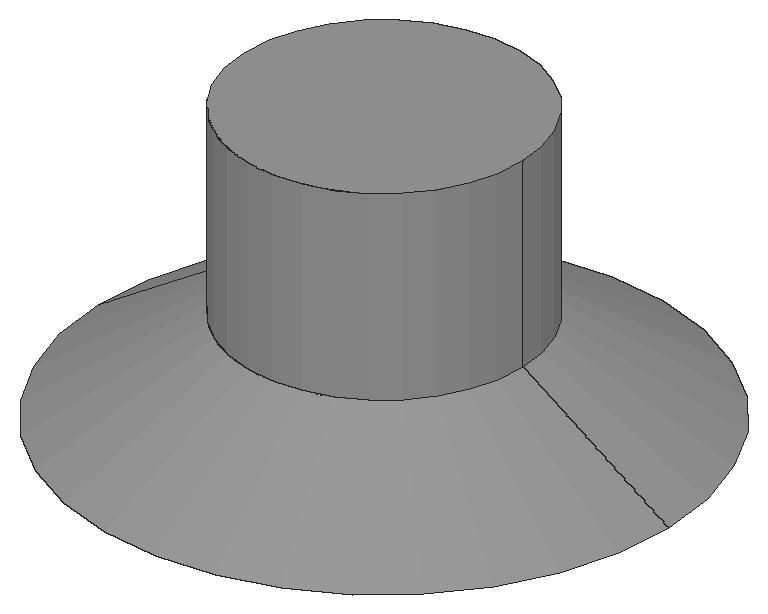
Revit family "ETNA_43W_4000K_4100LM", category Lighting Fixtures, host Ceiling, Revit 2021
Family settings
  Host = Ceiling
  Round Connector Dimension = Use Diameter
  Part Type = Normal
  OmniClass Number = 23.80.70.11
  OmniClass Title = Luminaries for Internal Lighting
  Always vertical = Yes
  Cut with Voids When Loaded = No
  Light Source = Yes
  Shared = No
  Room Calculation Point = No
Parameters (values of type "Type 1")
  Wattage = 27.6016 W
  built-in parameter 1150110 = 1 (stored number, unit not read)
  Type de lampe = "LED Citizen COB"
  Type = "Downlight"
  built-in parameter 1114217 = 1 (stored number, unit not read)
  Tilt Angle = 90.00°
  built-in parameter 1150109 = 1 (stored number, unit not read)
  built-in parameter 1150134 = 12
  built-in parameter 1150113 = 1 (stored number, unit not read)
  SDCM = "<3"
  Puissance nominale = "43W"
  Photometric Web File = "google_eulumdat_converter (15).ies"
  Matériau = "Aluminium"
  Maintien du flux = "L80B10 (50 000 heures)"
  Lumens = 4100 lm
  built-in parameter 1150115 = 1 (stored number, unit not read)
  built-in parameter 1150105 = 4653.3 (stored number, unit not read)
  built-in parameter 1150137 = (empty or 0)
  built-in parameter 1150139 = (empty or 0)
  built-in parameter 1150112 = 1 (stored number, unit not read)
  built-in parameter 1150114 = 1 (stored number, unit not read)
  built-in parameter 1150132 = 2
  built-in parameter 1150102 = (empty or 0)
  built-in parameter 1150138 = (empty or 0)
  built-in parameter 1150107 = 4000 (stored number, unit not read)
  built-in parameter 1150106 = 46.533 (stored number, unit not read)
  IRC = ">90"
  built-in parameter 1150104 = 13.8 (stored number, unit not read)
  Durée de vie = "50 000 heures"
  Driver = "Driver Philips - No Flicker"
  Dimming Lamp Color Temperature Shift = <None>
  Dimensions d’encastrement = "Ø 210 mm"
  Dimensions = "Ø 226 x 110 mm"
  Diffuseur = "Aluminium"
  Default Elevation = 0 mm
  Color Filter = 16777215
  built-in parameter 1114218 = 1 (stored number, unit not read)
  built-in parameter 1150133 = 10 (stored number, unit not read)
  Angle d'éclairage = "60°"
  Alimentation luminaire = "32-42V dc / 500mA"
  Alimentation Driver = "AC 220-240V"
Reference planes
  plane 1 "Light Source Axis (F/B)": y = 0
  plane 2: z = 0
  plane 3 "Light Source Axis (L/R)": x = 0
  plane 4 "Ceiling": z = 4000
  plane 5 "Light Source Elevation": z = 3987.548
Forms (mm)
  Blend 1, solid, material "Aluminum, blanc"
    base sketch origin (0, 0, 4000) x (0, 1, 0) y (-1, 0, 0)
      loop
        circle (0, 0) r 113
    top sketch origin (0, 0, 4000) x (0, 1, 0) y (-1, 0, 0)
      loop
        circle (0, 0) r 55
    from -5 to 31.767
  Blend 2, void
    base sketch origin (0, 0, 4000) x (0, 1, 0) y (-1, 0, 0)
      loop
        circle (0, 0) r 105
    top sketch origin (0, 0, 4000) x (0, 1, 0) y (-1, 0, 0)
      loop
        circle (0, 0) r 65
    from -9.351 to 11.478
  Extrusion 3, solid, material "Acrylic"
    sketch origin (0, 0, 4000) x (0, 1, 0) y (-1, 0, 0)
      loop
        circle (0, 0) r 55
    from 31.767 to 105
  Extrusion 4, solid, material "Glass, White, High Luminance"
    sketch origin (0, 0, 4000) x (0, 1, 0) y (-1, 0, 0)
      loop
        circle (0, 0) r 96.644
    from -2.575 to 0
Cuts and joins
  Blend 2 cuts Blend 1
Lines and regions (mm)
  reference lines
    curve 1: line (0, 0, 4000) -> (92.5, 0, 4000)
    curve 2: line (92.5, 0, 4000) -> (92.5, 15, 4000)
    curve 3: line (0, 0, 3995) -> (0, 0, 4100)
    curve 4: line (0, 0, 4100) -> (-10, 0, 4100)
    curve 5: line (0, 0, 4000) -> (113, 0, 4000)
    curve 6: line (113, 0, 4000) -> (113, 20, 4000)
    curve 7: line (0, 0, 3995) -> (0, 0, 4105)
    curve 8: line (0, 0, 4105) -> (-7.318, 0, 4105)
Dimensions and locks
  equal spacing: host sketch curve, plane 3 "Light Source Axis (L/R)", host sketch curve
  equal spacing: host sketch curve, plane 1 "Light Source Axis (F/B)", host sketch curve
  host sketch curve to host sketch curve = 4000 mm  (x2)
  plane 4 "Ceiling" to host ceiling = 0 mm
  aligned and locked: plane 1 "Light Source Axis (F/B)" to imposter light
  aligned and locked: plane 5 "Light Source Elevation" to imposter light
